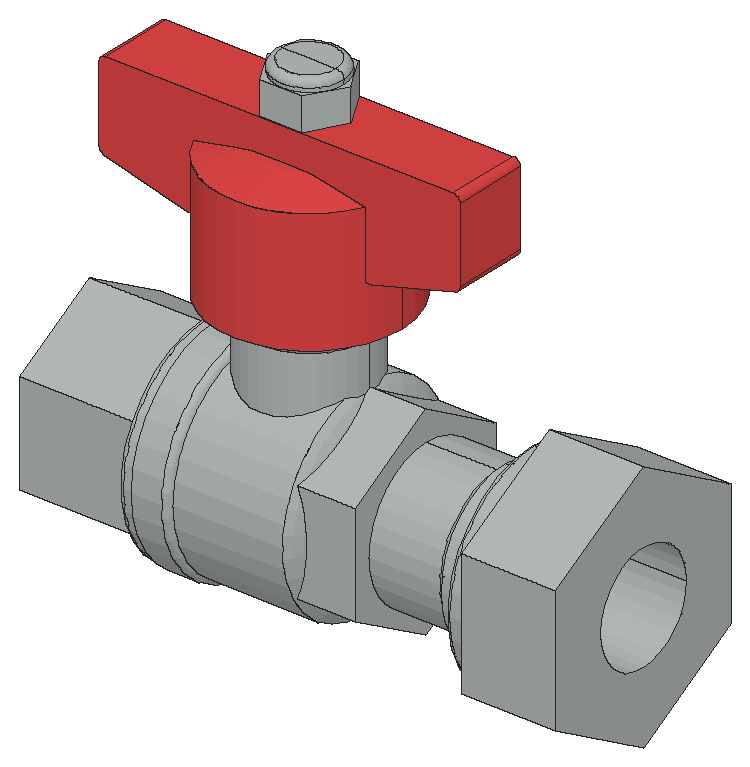
Revit family "QD00300000", category Apparecchi idraulici, Revit 2020
Family settings
  Quota connettore circolare = Usa diametro
  Tipo di parte = Normale
  Numero OmniClass = 23.45.00.00
  Titolo OmniClass = Sanitary, Laundry, and Cleaning Equipment
  Basato su piano di lavoro = No
  Sempre verticale = Sì
  Taglio con vuoti quando caricato = No
  Condiviso = No
  Punto di calcolo locali = No
Parameters
  URL = "https://web.cimberio.com/index.php/figura/182?subcategoria_id="
  Temperatura di esercizio = "-20 ÷ 65°C (servizio continuo) 90°C (picchi di 1h) secondo EN 13959"
  Prospetto di default = 0 mm
  Produttore = "CIMBERIO SPA"
  Pressione nominale = "PN 80 (DN15); PN 50 (DN20)"
  Pressione d'esercizio = "16 bar"
  Modello = "Cim 204NR"
  Materiale = "Prodotto in lega di ottone conforme alla norma EN 12165-CW617N-DW"
  Descrizione = "Utilizzato nei più svariati settori dell'impiantistica: reti di distribuzione acqua potabile, impianti di riscaldamento, condizionamento, igienico-sanitari e in generale con ogni fluido non corrosivo"
  DN Model [instance] = QD00302103 : QD00302103
  DN [instance] = 15 mm
  Commenti sul tipo = "Realizzato in ottemperanza ai requisiti gestionali della norma EN ISO 9001.\r\nCollaudato al 100% secondo la normativa EN 12266-1"
Reference planes
  plane 1 "Centro (Fronte/Retro)": y = 0
  plane 2: z = 0
  plane 3 "Centro (Sinistra/Destra)": x = 0
Dimensions and locks
  aligned and locked: level to plane 2
Nested families
  nested 1: "QD00302103" at (0, 0, 0), type <- "DN Model", type "QD00302103"
  nested 2: "QD00302103" at (0, 0, 0), type <- "DN Model", type "QD00302103"
  nested 3: "QD00302103" at (0, 0, 0), type <- "DN Model", type "QD00302103"
  nested 4: "QD00302103" at (0, 0, 0), type <- "DN Model", type "QD00302103"
Connectors
  piping at (46.2, 0, 0), diameter 15, driven by "DN"
    settings: on nested 1, index 1, connector inside diameter 609.6 mm, connector length 0 mm, flow factor 0, pipe flow 0.0 L/s, pressure drop 0.0 Pa, fitting loss kfactor 0, connector angle 0.00°, fixture units 0, engagement length 0 mm, angle of deflection 0.00°, flow configuration 0, flow direction 0, fitting loss method 0, system type 7, joint type 0, gender type 0, connector reference index -1, connector utility 0, adjustable connector no, is connector primary yes, connector description ""
  piping at (-30.318, 0, 0), diameter 15, driven by "DN"
    settings: on nested 1, index 2, connector inside diameter 609.6 mm, connector length 0 mm, flow factor 0, pipe flow 0.0 L/s, pressure drop 0.0 Pa, fitting loss kfactor 0, connector angle 0.00°, fixture units 0, engagement length 0 mm, angle of deflection 0.00°, flow configuration 0, flow direction 0, fitting loss method 0, system type 7, joint type 0, gender type 0, connector reference index -1, connector utility 0, adjustable connector no, is connector primary no, connector description ""
Definition of nested family "QD00302103"
  Parameters (values of type "QD00302103")
    URL = "https://web.cimberio.it/index.php/figura/394?subcategoria_id="
    Temperatura di esercizio = "-10 ÷ 95°C"
    Default Elevation = 0 mm
    Manufacturer = "CIMBERIO SPA"
    Pressione nominale = "PN 16"
    Model = "Cim 32"
    Materiale = "Prodotto in lega di ottone conforme alla norma EN 12165-CW617N-DW"
    Description = "Impiegato nei più svariati settori dell'impiantistica in condutture anti-ritorno per: reti di distribuzione acqua potabile, impianti di riscaldamento, condizionamento, igienico-sanitari e in generale con ogni fluido non corrosivo."
    Type Comments = "Realizzato in ottemperanza ai requisiti gestionali della norma EN ISO 9001.\r\nCollaudato al 100% secondo la normativa EN 12266-1"
  Reference planes
    plane 1 "Centro (Fronte/Retro)": y = 0
    plane 2: z = 0
    plane 3 "Centro (Sinistra/Destra)": x = 0
  Forms (mm)
    Revolve 1, solid
      sketch origin (0, 0, 0) x (1, 0, 0) y (0, 0, 1)
        loop
          line (-12.6, 14.75) -> (-13.886, 14.75)
          arc (-13.886, 14.75) -> (-14.391, 14.541) -> (-14.6, 14.036) r 0.714
          line (-14.6, 14.036) -> (-14.6, 7.5) -> (-12.6, 7.5) -> (-12.6, 14.75)
        axis (-14.6, 0) -> (-12.6, 0)
      angle from 0 to 360
    Revolve 2, solid
      sketch origin (0, 0, 0) x (1, 0, 0) y (0, 0, 1)
        loop
          line (-12.6, -15) -> (-8.453, -15)
          arc (-8.453, -15) -> (-7.862, -14.806) -> (-7.5, -14.3) r 1
          line (-7.5, -14.3) -> (7.7, -14.3)
          arc (7.7, -14.3) -> (9.549, -11.151) -> (9.473, -7.5) r 6.705
          line (9.473, -7.5) -> (-12.6, -7.5) -> (-12.6, -15)
        axis (-12.6, 0) -> (9.473, 0)
      angle from 0 to 360
    Extrusion 3, solid
      sketch origin (0, 0, 0) x (0, 1, 0) y (0, 0, 1)
        loop
          circle (0, 0) r 7.5
        loop
          line (0, 14) -> (-12.124, 7) -> (-12.124, -7) -> (0, -14) -> (12.124, -7) -> (12.124, 7) -> (0, 14)
      from 7.682 to 16.151
    Extrusion 4, solid
      sketch origin (-38, 0, 0) x (0, 1, 0) y (0, 0, 1)
        loop
          circle (0, 0) r 7.5
        loop
          line (0, 14) -> (-12.124, 7) -> (-12.124, -7) -> (0, -14) -> (12.124, -7) -> (12.124, 7) -> (0, 14)
      from 7.682 to 23.4
    Revolve 5, solid
      sketch origin (0, 0, 0) x (1, 0, 0) y (0, 0, 1)
        loop
          line (26, 10) -> (16.151, 10) -> (16.151, 7.5) -> (30.7, 7.5) -> (30.7, 11.1) -> (27.136, 11.1)
          arc (27.136, 11.1) -> (26.695, 10.419) -> (26, 10) r 1.808
        axis (16.151, 0) -> (30.7, 0)
      angle from 0 to 360
    Revolve 6, solid
      sketch origin (0, 0, 0) x (1, 0, 0) y (0, 0, 1)
        loop
          line (30.7, 7.5) -> (33.2, 7.5) -> (33.2, 14.75) -> (31.216, 14.75)
          arc (31.216, 14.75) -> (30.851, 14.599) -> (30.7, 14.234) r 0.516
          line (30.7, 14.234) -> (30.7, 7.5)
        axis (30.7, 0) -> (33.2, 0)
      angle from 0 to 360
    Extrusion 7, solid
      sketch origin (0, 0, 0) x (0, 1, 0) y (0, 0, 1)
        loop
          circle (0, 0) r 7.5
        loop
          line (0, 17.4) -> (-15.069, 8.7) -> (-15.069, -8.7) -> (0, -17.4) -> (15.069, -8.7) -> (15.069, 8.7) -> (0, 17.4)
      from 33.2 to 46.2
    Revolve 8, solid
      sketch origin (0, 0, 0) x (1, 0, 0) y (0, 0, 1)
        loop
          line (-9, 26.168) -> (-9, 20.867)
          arc (-9, 20.867) -> (-8.866, 20.366) -> (-8.5, 20) r 1
          line (-8.5, 20) -> (-8.5, 11.674) -> (-0.999, 11.674) -> (-0.999, 26.168) -> (-9, 26.168)
        axis (-0.063, 26.168) -> (-0.063, 11.674)
      angle from 0 to 360
    Revolve 9, solid
      sketch origin (0, 0, 0) x (1, 0, 0) y (0, 0, 1)
        loop
          line (-12.882, 22.8) -> (0, 22.8) -> (0, 41.574)
          arc (0, 41.574) -> (-6.528, 41.282) -> (-12.882, 39.754) r 34.224
          line (-12.882, 39.754) -> (-12.882, 22.8)
        axis (0, 41.574) -> (0, 22.8)
      angle from 0 to 360
    Revolve 10, solid
      sketch origin (0, 0, 0) x (1, 0, 0) y (0, 0, 1)
        loop
          line (0, 49.392) -> (4.75, 49.392) -> (4.75, 50.768)
          arc (4.75, 50.768) -> (4.448, 51.498) -> (3.718, 51.8) r 1.032
          line (3.718, 51.8) -> (0, 51.8) -> (0, 49.392)
        axis (0, 51.8) -> (0, 49.392)
      angle from 0 to 360
    Extrusion 11, solid
      sketch origin (0, 0, 0) x (1, 0, 0) y (0, 0, 1)
        loop
          arc (-24, 45.8) -> (-24.707, 45.507) -> (-25, 44.8) r 1
          line (-25, 44.8) -> (-25, 34.567)
          arc (-25, 34.567) -> (-24.793, 33.959) -> (-24.259, 33.601) r 1
          line (-24.259, 33.601) -> (-12.721, 30.51) -> (12.721, 30.51) -> (24.259, 33.601)
          arc (24.259, 33.601) -> (24.793, 33.959) -> (25, 34.567) r 1
          line (25, 34.567) -> (25, 44.8)
          arc (25, 44.8) -> (24.707, 45.507) -> (24, 45.8) r 1
          line (24, 45.8) -> (-24, 45.8)
      from -5.184 to 5.128
    Extrusion 12, solid
      sketch origin (0, 0, 0) x (1, 0, 0) y (0, 1, 0)
        loop
          line (5.771, 0) -> (2.886, 4.998) -> (-2.886, 4.998) -> (-5.771, 0) -> (-2.886, -4.998) -> (2.886, -4.998) -> (5.771, 0)
      from 45.8 to 50.3
  Dimensions and locks
    aligned and locked: level to plane 2
